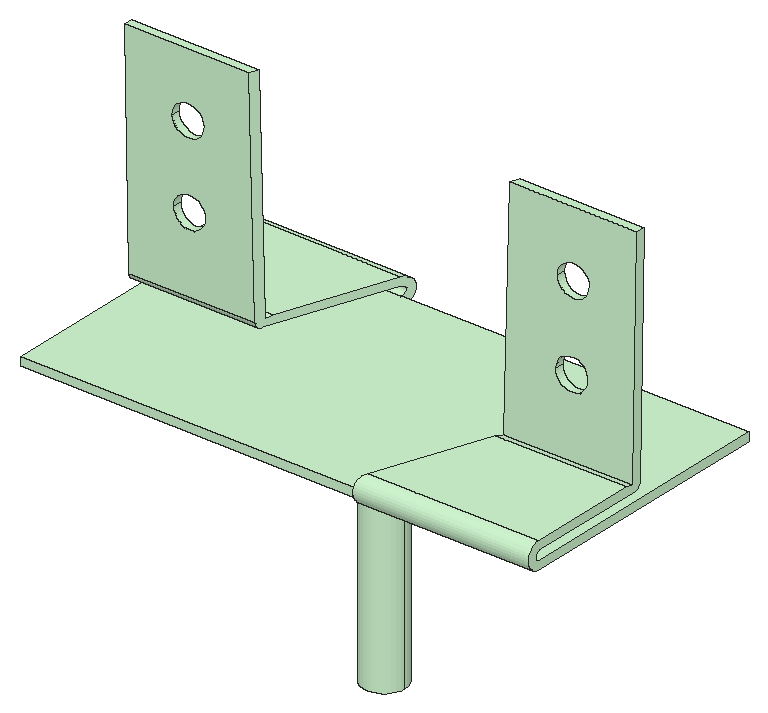
Revit family "パーテーション金具eT4025用", category 機械設備, Revit 2020
Family settings
  丸型コネクタ寸法 = 直径を使用
  種別 = なし
  パーツ タイプ = 標準
  作業面ベース = いいえ
  常に垂直 = はい
  ロード時にボイドで切り取り = いいえ
  共有 = いいえ
  部屋計算ポイント = いいえ
Parameters
  製造元 = "株式会社桐井製作所"
  既定の高さ = 0 mm
  URL = "https://www.kirii.co.jp/"
  K_材質 = "SUS304"
  K_品名 = "パーテーション金具eT4025用"
  K_名称 = "パーテーション金具"
  K_入数 = "500"
  K_バージョン情報 = "20220915"
Reference planes
  plane 1 "中心(正面/背面)": y = 0
  plane 2: z = 0
  plane 3 "中心(左/右)": x = 0
Forms (mm)
  Extrusion 1, solid
    sketch origin (0, 0, 7.9) x (1, 0, 0) y (0, 1, 0)
      loop
        circle (-0.008, 0) r 2
    from -31.8 to -11.7
  Extrusion 2, solid
    sketch origin (0, 0, 0) x (0, 1, 0) y (0, 0, 1)
      loop
        line (-12.6, 0) -> (12.6, 0) -> (12.6, 0.8) -> (-12.6, 0.8) -> (-12.6, 0)
    from -25 to 25
  Extrusion 3, solid
    sketch origin (-2.5, 0, 0) x (0, -1, 0) y (0, 0, -1)
      loop
        arc (-12.6, 0) -> (-13.85, -1.25) -> (-12.6, -2.5) r 1.25
        line (-12.6, -2.5) -> (-2.083, -2.5) -> (-1.299, -2.319) -> (-0.8, -24.007) -> (0, -23.989) -> (-0.5, -2.239)
        arc (-0.5, -2.239) -> (-0.694, -1.83) -> (-1.127, -1.7) r 0.556
        line (-1.127, -1.7) -> (-12.6, -1.7)
        arc (-12.6, -1.7) -> (-13.05, -1.25) -> (-12.6, -0.8) r 0.45
        line (-12.6, -0.8) -> (-12.6, 0)
    from -22.5 to -5.5
  Extrusion 4, void
    sketch origin (-2.5, 0.078, 0) x (-1, 0, 0) y (0, -1, 0)
      loop
        line (5.5, -13.772) -> (10.526, 0.078) -> (5.5, 0.078) -> (5.5, -13.772)
    from 0 to 24.869
  Extrusion 5, solid
    sketch origin (32, 0, 0) x (0, 1, 0) y (0, 0, 1)
      loop
        line (-12.6, 0) -> (-12.6, 0.8)
        arc (-12.6, 0.8) -> (-13.05, 1.25) -> (-12.6, 1.7) r 0.45
        line (-12.6, 1.7) -> (-1.127, 1.7)
        arc (-1.127, 1.7) -> (-0.694, 1.83) -> (-0.5, 2.239) r 0.556
        line (-0.5, 2.239) -> (0, 23.989) -> (-0.8, 24.007) -> (-1.299, 2.319) -> (-2.083, 2.5) -> (-12.6, 2.5)
        arc (-12.6, 2.5) -> (-13.85, 1.25) -> (-12.6, 0) r 1.25
    from -24 to -7
  Extrusion 6, void
    sketch origin (2.531, -0.078, 0) x (1, 0, 0) y (0, 1, 0)
      loop
        line (5.5, -13.772) -> (10.526, 0.078) -> (5.469, 0.078) -> (5.469, -13.856)
    from 0 to 24.869
  Extrusion 7, void
    sketch origin (0, 0, 0) x (1, 0, 0) y (0, 0, 1)
      loop
        circle (-19, 17.7) r 1.55
      loop
        circle (-19, 9.7) r 1.55
    from -1.428 to 0.417
  Extrusion 8, void
    sketch origin (38, 0, 0) x (1, 0, 0) y (0, 0, 1)
      loop
        circle (-19, 17.7) r 1.55
      loop
        circle (-19, 9.7) r 1.55
    from -0.383 to 1.382
  Revolve 9, solid
    sketch origin (0, 0, 0) x (0, 1, 0) y (0, 0, 1)
      loop
        line (-4.75, 0) -> (-2.3, -2.5) -> (-2.3, -3.8) -> (0, -3.8) -> (0, 0) -> (-4.75, 0)
      axis (0, 0) -> (0, -3.8)
    angle from 0 to 360
Cuts and joins
  Extrusion 7, Extrusion 8 cuts Extrusion 1
  Extrusion 7, Extrusion 8 cuts Extrusion 2
  Extrusion 4, Extrusion 7, Extrusion 8 cuts Extrusion 3
  Extrusion 6, Extrusion 8 cuts Extrusion 5
  joined: Extrusion 1, Extrusion 2, Extrusion 3, Extrusion 5
Dimensions and locks
  aligned and locked: level to plane 2
